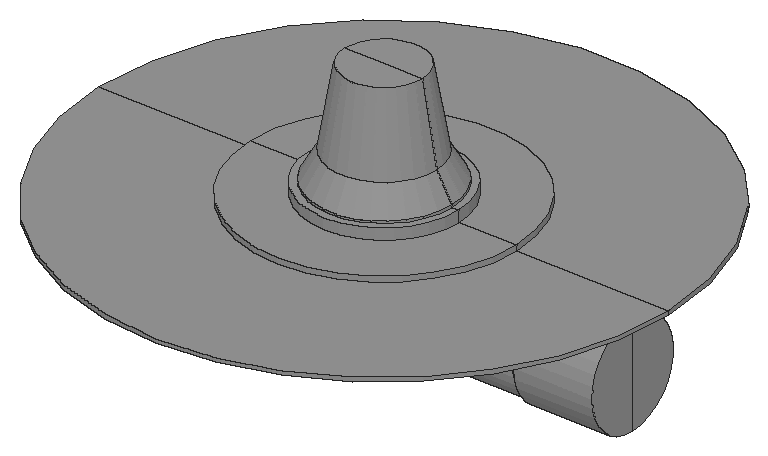
Revit family "HL_RU_Roof drain_HL80.3H-B-221103", category Sanitärinstallationen, Revit 2020
Family settings
  Bemaßung runder Anschluss = Durchmesser verwenden
  Teiletyp = Normal
  OmniClass-Nummer = 23.70.50.21.24.14
  OmniClass-Titel = Deck Waste Water Drains
  Arbeitsebenenbasiert = Nein
  Immer vertikal = Ja
  Beim Laden mit Abzugskörper schneiden = Nein
  Gemeinsam genutzt = Nein
  Raumberechnungspunkt = Ja
Parameters (values of type "HL_Кровельная воронка_HL80.3H")
  РЕШЁТКА = "Laubfangkorb d 110 mm"
  РАЗМЕР = "DN50/75"
  ПРОПУСКНАЯ СПОСОБНОСТЬ [instance] = 0.0 L/s
  ПРОИЗВОДИТЕЛЬНОСТЬ = "1,0 l/s"
  ПРАВОВАЯ ИНФОРМАЦИЯ = "Авторские права(©), права на дизайн или какие либо другие права интелектуальной собственности являются исключительной собственностью компании HL Hutterer & Lechner. Изменению не подлежит. Файл семейства с данными о прозводителе изделия защищен паролем с водяным знаком."
  НОМИНАЛЬНЫЙ ДИАМЕТР [instance] = 75 mm
  МАТЕРИАЛ = "PP/PE"
  ВЫСОТА МОНТАЖА = "91 mm"
  ВЕС = "1,09 [kg]"
  Vorgabe-Ansicht = 0 mm
  Hersteller = "HL Hutterer & Lechner GmbH"  # constant formula
  URL = "http://www.hutterer-lechner.com/ru/products/catalog/roof-drains/HL80.3H.aspx"
  Материал плитка [instance] = none
  Lüftungsverbindung = no
  Abwasserrohrverbindung = yes
  HW-Verbindung = no
  KW-Verbindung = no
  Beschreibung = "Кровельные воронки"
  Model = "HL80.3H"
  Assembly Code = " "
  Typenkommentare = "HL80.3H Трап для кровли DN50/75 поворотный с битумным полотном и листвоуловителем.,"
  Keynote = "HL80.3H"
  F [instance] = if(and(Instalation Angle = 0.00°, НОМИНАЛЬНЫЙ ДИАМЕТР = 50 mm), 25.5 mm, 13 mm)  # 13 mm
  Bысота монтажа [instance] = 0 mm
  Instalation Angle [instance] = 90.00°
  G [instance] = if(Instalation Angle = 0.00°, 180.00°, 90.00°)  # 90.00°
  EAN = "9003076918034"
  D [instance] = if(and(Instalation Angle = 0.00°, НОМИНАЛЬНЫЙ ДИАМЕТР = 75 mm), 170.2 mm, if(and(Instalation Angle = 0.00°, НОМИНАЛЬНЫЙ ДИАМЕТР = 50 mm), 74.3 mm, if(and(Instalation Angle = 90.00°, НОМИНАЛЬНЫЙ ДИАМЕТР = 50 mm), 100 mm - 13 mm, 183.1 mm - 13 mm)))  # 170.1 mm
  C [instance] = if(Bысота монтажа - 68 mm < 0 mm, 0 mm, Bысота монтажа - 68 mm)  # 0 mm
  B [instance] = Bысота монтажа + if(НОМИНАЛЬНЫЙ ДИАМЕТР = 50 mm, 64.5 mm, 51.7 mm)  # 51.7 mm
  A [instance] = if(B - 100 mm > 15 mm, B - 100 mm, 15 mm)  # 15 mm
Reference planes
  plane 1 "Center (Front/Back)": y = 0
  plane 2: z = 0
  plane 3 "Center (Left/Right)": x = 0
  plane 4: z = -51.7
  plane 5: z = 0
  plane 6: x = 13
Lines and regions (mm)
  model lines, style "InvisibleLines"
    curve 1: line (0, 0, 0) -> (0, 0, 20)
  model lines, style "PlumbingFixtures", detail levels coarse+medium
    curve 2: line (0, 0, -51.7) -> (0, 0, -36.7)
    curve 3: line (0, 0, -36.7) -> (-36.7, 0, 0)
    curve 4: line (0, 0, -36.7) -> (36.7, 0, 0)
    curve 6: line (13, 0, -51.7) -> (183.1, 0, -51.7)
  reference lines, not visible
    curve 5: line (13, 0, -51.7) -> (183.1, 0, -51.7)
  symbolic lines, style "PlumbingFixtures", detail levels coarse+medium
    curve 7: line (-75, 75, 0) -> (75, 75, 0)
    curve 8: line (-75, -75, 0) -> (-75, 75, 0)
    curve 9: line (75, -75, 0) -> (-75, -75, 0)
    curve 10: line (75, 75, 0) -> (75, -75, 0)
    curve 11: line (-75, 75, 0) -> (-145.711, 145.711, 0)
    curve 12: line (75, 75, 0) -> (145.711, 145.711, 0)
    curve 13: line (-75, -75, 0) -> (-145.711, -145.711, 0)
    curve 14: line (75, -75, 0) -> (145.711, -145.711, 0)
  symbolic lines, style "PlumbingFixtures", not visible, detail levels coarse+medium
    curve 15: line (-75, 75, 0) -> (75, 75, 0)
    curve 16: line (-75, -75, 0) -> (-75, 75, 0)
    curve 17: line (75, -75, 0) -> (-75, -75, 0)
    curve 18: line (75, 75, 0) -> (75, -75, 0)
    curve 19: line (-75, 75, 0) -> (-145.711, 145.711, 0)
    curve 20: line (75, 75, 0) -> (145.711, 145.711, 0)
    curve 21: line (-75, -75, 0) -> (-145.711, -145.711, 0)
    curve 22: line (75, -75, 0) -> (145.711, -145.711, 0)
  model lines, style "InvisibleLines", detail levels coarse+medium
    curve 23: line (13, 0, -51.7) -> (0, 0, -51.7)
Text (mm)
  text "FLOOR" at (-162.344, 0, -10.979), in view "Drain Construction View"
Dimensions and locks
  "B": plane 2 to plane 4
  "Bысота монтажа": plane 2 to plane 5
  "A": curve 4 to plane 4
  "D": curve 5 to curve 5
  "D": curve 6 to curve 6
  "F": plane 6 to plane 3 "Center (Left/Right)"
  locked: curve 4 to plane 3 "Center (Left/Right)" (angle 45.00°)
  locked: plane 3 "Center (Left/Right)" to curve 3 (angle 45.00°)
  "G": angle curve 5 to plane 3 "Center (Left/Right)"
  aligned and locked: level to plane 2
  aligned and locked: plane 2 to curve 4
  aligned and locked: plane 2 to curve 3
  aligned and locked: plane 4 to curve 2
  aligned and locked: nested 1 to plane 5
  aligned and locked: plane 3 "Center (Left/Right)" to nested 1
  aligned and locked: nested 2 to plane 2
  aligned and locked: plane 3 "Center (Left/Right)" to nested 2
  aligned and locked: plane 6 to curve 5
  aligned and locked: plane 4 to curve 5
  aligned and locked: plane 6 to curve 6
Automatic sketch dimensions
  curve 1 to plane 3 "Center (Left/Right)" = 0 mm
  curve 2 to plane 3 "Center (Left/Right)" = 0 mm
  curve 23 to plane 6 = 0 mm
  curve 1 to level = 0 mm
  level to curve 1 = 20 mm
  curve 6 to curve 5 = 0 mm
Nested families
  nested 1: "HL_кровельные воронки - корпус_HL80HK" at (0, 0, 0), DN <- "НОМИНАЛЬНЫЙ ДИАМЕТР", Instalation Angle <- "Instalation Angle", type "HL80HK"
    with OE 5 mm, LV 0 mm, Instalation Angle 90.00°, DT 10 mm, DN 75 mm
  nested 2: "HL_Вспомогательные материалы-Противопожарная защита_HL080.8E" at (0, 0, 0.982), type "HL_Вспомогательные материалы-Противопожарная защита_HL080.8E"
Connectors
  piping at (183.1, 0, -51.7), diameter 75, driven by "ПРОПУСКНАЯ СПОСОБНОСТЬ", driven by "НОМИНАЛЬНЫЙ ДИАМЕТР"
    settings: on curve 5, index 1, connector inside diameter 609.6 mm, connector length 0 mm, flow factor 0, pipe flow 0.0 L/s, pressure drop 0.0 Pa, fitting loss kfactor 0, connector angle 0.00°, fixture units 0, engagement length 0 mm, angle of deflection 0.00°, flow configuration 1, flow direction 2, fitting loss method 0, system type 16, joint type 0, gender type 0, connector reference index -1, connector utility 0, adjustable connector yes, is connector primary yes, connector description ""
Definition of nested family "HL_кровельные воронки - корпус_HL80HK"
  Parameters (values of type "HL80HK")
    Waste Connection = yes
    Default Elevation = 0 mm
    Vent Connection = no
    Manufacturer = ""
    LV [instance] = if(DN = 75 mm, 0 mm, 83 mm)  # 0 mm
    HW Connection = no
    URL = ""
    RN2 = DN2 / 2  # 37.5 mm
    RN1 = DN1 / 2  # 25 mm
    Description = ""
    DT [instance] = if(DN = DN1, 10 mm, if(DN = DN2, 10 mm, 0 mm))  # 10 mm
    DN [instance] = 75 mm
    CW Connection = no
    OL = 155 mm  # constant formula
    OE [instance] = if(Instalation Angle > 0.00°, 5 mm, 30 mm)  # 5 mm
    Model = ""
    Type Comments = ""
    Keynote = ""
    Instalation Angle [instance] = 90.00°
    DN2 = 75 mm  # constant formula
    DN1 = 50 mm  # constant formula
  Reference planes
    plane 1 "Center (Front/Back)": y = 0
    plane 2: z = 0
    plane 3 "Center (Left/Right)": x = 0
    plane 4: z = 0
    plane 5: z = -90
    plane 6: z = -215
    plane 7 "Ball joint horizontal": z = -64.2
    plane 8 "Ball Joint Vertical": x = 25.45
  Forms (mm)
    Revolve 1, solid, detail levels fine
      sketch origin (0, 0, -30) x (1, 0, 0) y (0, 0, 1)
        loop
          line (-98.112, 30) -> (-210.108, 30) -> (-210.108, 27) -> (-110.111, 27) -> (-110.111, 22.891) -> (-93.745, 22.891) -> (-93.745, 18.106) -> (-57.51, 18.106) -> (-57.51, 2.73) -> (-44.799, 2.73) -> (-44.799, -23.765)
          arc (-44.799, -23.765) -> (-26.756, -44.906) -> (-0.107, -52.803) r 48.911
          line (-0.107, -52.803) -> (-0.107, 33.918) -> (-98.112, 33.918) -> (-98.112, 30)
        axis (-0.107, 33.918) -> (-0.107, -52.803)
      angle from 0 to 360
    Sweep 2, solid, detail levels fine
      path in 3D
        loop
          line (5.45, 0, -64.2) -> (180.45, 0, -64.2)
      profile origin (92.95, 0, -64.2) x (0, 0, 1) y (0, -1, 0)
        loop
          circle (0, 0) r 25
    Revolve 3, solid, detail levels fine
      sketch origin (90.45, 0, -51.7) x (1, 0, 0) y (0, 0, 1)
        loop
          line (92.64, 0) -> (92.64, 37.5) -> (35.328, 37.5) -> (-2.031, 0) -> (92.64, 0)
        axis (-2.031, 0) -> (92.64, 0)
      angle from 0 to 360
    Revolve 4, solid, detail levels fine
      sketch origin (0, 0, -30) x (1, 0, 0) y (0, 0, 1)
        loop
          arc (-5.105, -62.233) -> (18.28, -60.002) -> (38.242, -47.618) r 51.5
          line (38.242, -47.618) -> (13.269, -22.645) -> (-15.712, -51.627) -> (-5.105, -62.233)
        axis (13.269, -22.645) -> (38.242, -47.618)
      angle from 0 to 360
    Extrusion 5, solid, detail levels fine
      sketch origin (0, 0, -30) x (0, 1, 0) y (0, 0, 1)
        loop
          line (46.485, 6) -> (-46.509, 6) -> (-45.296, -38.425)
          arc (-45.296, -38.425) -> (-0.041, -54.245) -> (45.232, -38.476) r 72.755
          line (45.232, -38.476) -> (46.485, 6)
      from -18 to -9
    Extrusion 6, void
      sketch origin (0, 0, 0) x (0, 1, 0) y (0, 0, 1)
        loop
          line (41.219, -68.961) -> (63.338, -68.961) -> (63.338, -27.27) -> (42.393, -27.27) -> (41.219, -68.961)
        loop
          line (-41.264, -68.961) -> (-42.438, -27.27) -> (-63.338, -27.27) -> (-63.338, -68.961) -> (-41.264, -68.961)
      from -9 to 18.461
    Extrusion 7, void
      sketch origin (183.09, 0, -51.7) x (0, -1, 0) y (0, 0, 1)
        loop
          circle (0, 0) r 37.5
      from -2 to 0 <- "LV"
  Cuts and joins
    Extrusion 6 cuts Revolve 1
    Extrusion 6, Extrusion 7 cuts Sweep 2
    Extrusion 6, Extrusion 7 cuts Revolve 3
    Extrusion 6 cuts Revolve 4
    Extrusion 6 cuts Extrusion 5
    joined: Revolve 1, Sweep 2, Revolve 3, Revolve 4, Extrusion 5
  Lines and regions (mm)
    reference lines
      curve 1: line (25.45, 0, -64.2) -> (180.45, 0, -64.2)
      curve 2: line (90.45, 0, -51.7) -> (180.45, 0, -51.7)
      curve 3: line (180.45, 0, -64.2) -> (180.45, 0, -46.7)
      curve 5: line (180.45, 0, -46.7) -> (90.45, 0, -46.7)
    sketch lines
      curve 4: line (5.45, 0, -64.2) -> (180.45, 0, -64.2)
    model lines, not visible
      curve 6: line (-0.107, 0, 0) -> (-0.107, 0, -10)
  Dimensions and locks
    plane 4 to plane 5 = 90 mm
    plane 4 to plane 6 = 215 mm
    locked: plane 4 to plane 7 "Ball joint horizontal" at 64.2
    locked: plane 8 "Ball Joint Vertical" to plane 3 "Center (Left/Right)" at 25.45
    locked: curve 3 to curve 2 at 90
    "OL": curve 3 to curve 1
    "RN2": Revolve 3 sketch curve to Revolve 3 sketch curve
    locked: Revolve 3 sketch curve to Revolve 3 sketch curve at 94.672
    Revolve 3 sketch curve to Revolve 3 sketch curve = 57.312 mm
    locked: curve 5 to curve 5 at 90
    locked: curve 5 to curve 1 at 17.5
    "OE": curve 5 to curve 2
    Revolve 1 sketch curve to Revolve 1 sketch curve to Revolve 1 sketch curve to Revolve 1 sketch curve to Revolve 1 sketch curve to Revolve 1 sketch curve = 99.997 mm locked, 11.999 mm locked, 40.602 mm locked, 12.711 mm locked, 44.692 mm locked
    plane 2 to plane 4 = 0 mm
    Revolve 1 sketch curve to plane 5 = 56.108 mm
    locked: plane 4 to cut or joined group of Revolve 1, Sweep 2, Revolve 3, Revolve 4, Extrusion 5, Extrusion 6, Extrusion 7 at 3
    Revolve 1 sketch curve to plane 4 to Revolve 1 sketch curve to Revolve 1 sketch curve to Revolve 1 sketch curve to Revolve 1 sketch curve to Revolve 1 sketch curve = 3.918 mm locked, 3 mm locked, 4.109 mm locked, 4.785 mm locked, 15.376 mm locked, 6.621 mm locked
    locked: plane 4 to Extrusion 5 sketch curve at 24
    locked: Revolve 4 sketch curve to plane 7 "Ball joint horizontal" at 22.998
    locked: plane 8 "Ball Joint Vertical" to Revolve 4 sketch curve at 23.624
    locked: curve 2 to Extrusion 7 sketch curve
    "DT": cut or joined group of Revolve 1, Sweep 2, Revolve 3, Revolve 4, Extrusion 5, Extrusion 6, Extrusion 7 to curve 6
    "DN1": diameter of Sweep 2 sketch curve
    diameter of Extrusion 7 sketch curve = 75 mm
    "Instalation Angle": angle plane 8 "Ball Joint Vertical" to curve 1
    locked: curve 3 to curve 1 (angle 90.00°)
    locked: curve 2 to curve 3 (angle 90.00°)
    locked: curve 5 to curve 3 (angle 90.00°)
    aligned and locked: level to plane 2
    aligned and locked: plane 8 "Ball Joint Vertical" to curve 1
    aligned and locked: plane 7 "Ball joint horizontal" to curve 1
    aligned and locked: plane 4 to Revolve 1 sketch curve
    aligned and locked: Revolve 1 sketch curve to Revolve 1 sketch curve
    aligned and locked: Revolve 3 sketch curve to curve 2
  Automatic sketch dimensions
    Revolve 4 sketch curve to plane 5 = 2.233 mm
    Revolve 4 sketch curve to plane 3 "Center (Left/Right)" = 5.105 mm
    plane 5 to Revolve 4 sketch curve = 8.373 mm
    Revolve 4 sketch curve to Revolve 4 sketch curve = 10.607 mm
    plane 7 "Ball joint horizontal" to Revolve 4 sketch curve = 11.555 mm
    Revolve 4 sketch curve to Revolve 4 sketch curve = 2.288 mm  (x2)
    plane 5 to Revolve 4 sketch curve = 5.833 mm
    Revolve 4 sketch curve to Revolve 4 sketch curve = 6.549 mm
    Revolve 1 sketch curve to plane 3 "Center (Left/Right)" = 0.107 mm
    plane 7 "Ball joint horizontal" to Revolve 1 sketch curve = 10.435 mm
    Revolve 1 sketch curve to Revolve 1 sketch curve = 4.366 mm
    Revolve 1 sketch curve to plane 6 = 96 mm
    Revolve 1 sketch curve to Revolve 1 sketch curve = 2210.397 mm
    Extrusion 6 sketch curve to plane 7 "Ball joint horizontal" = 4.761 mm  (x2)
    plane 1 "Center (Front/Back)" to Extrusion 6 sketch curve = 63.338 mm
    Extrusion 6 sketch curve to Extrusion 6 sketch curve = 20.9 mm
    Extrusion 6 sketch curve to Extrusion 6 sketch curve = 22.075 mm
    Extrusion 6 sketch curve to plane 1 "Center (Front/Back)" = 41.219 mm
    Extrusion 6 sketch curve to Extrusion 6 sketch curve = 1.175 mm
    Extrusion 6 sketch curve to Extrusion 6 sketch curve = 20.945 mm
    Extrusion 6 sketch curve to level = 27.27 mm  (x2)
    Extrusion 5 sketch curve to plane 1 "Center (Front/Back)" = 0 mm
    Extrusion 5 sketch curve to plane 7 "Ball joint horizontal" = 4.225 mm
    plane 1 "Center (Front/Back)" to Extrusion 5 sketch curve = 45.296 mm
    Extrusion 5 sketch curve to Extrusion 5 sketch curve = 1.213 mm
    Extrusion 5 sketch curve to level = 11.49 mm
    Extrusion 5 sketch curve to plane 7 "Ball joint horizontal" = 4.276 mm
    Extrusion 5 sketch curve to Extrusion 5 sketch curve = 1.253 mm
    curve 6 to level = 0 mm
    curve 6 to plane 3 "Center (Left/Right)" = 0.107 mm
    profile plane to Sweep 2 sketch curve = 0 mm
    Sweep 2 sketch curve to profile plane = 0 mm
    Revolve 3 sketch curve to curve 2 = 0 mm  (x3)
    Revolve 3 sketch curve to curve 2 = 2.031 mm
Definition of nested family "HL_Вспомогательные материалы-Противопожарная защита_HL080.8E"
  Parameters
    ПРАВОВАЯ ИНФОРМАЦИЯ = ""
    ВЕС = "0,042 [kg]"
    Default Elevation = 0 mm
    Manufacturer = ""
    URL = ""
    Материал плитка = none
    Description = ""
    Model = ""
    Type Comments = "HL080.8E, leaf strainer d 110mm"
    Keynote = ""
    Пропускная способность [instance] = 0.0 L/s
    EAN = "9003076008087"
    Cost = 0
  Types (2, lengths in mm): name | ПРАВОВАЯ ИНФОРМАЦИЯ | Manufacturer | URL | Description | Model | Type Comments | Keynote
    (no name) | "" | "" | "" | "" | "" | "HL080.8E, leaf strainer d 110mm" | ""
    HL_Вспомогательные материалы-Противопожарная защита_HL080.8E | "Авторские права(©), права на дизайн или какие либо другие права интелектуальной собственности являются исключительной собственностью компании HL Hutterer & Lechner. Изменению не подлежит. Файл семейства с данными о прозводителе изделия защищен паролем с водяным знаком." | "HL Hutterer & Lechner GmbH" | "http://www.hutterer-lechner.com/ru/products/catalog/roof-drains/HL080.8E.aspx" | "Кровельные воронки" | "HL080.8E" | "HL080.8E, Листвоуловитель d 110мм" | "HL080.8E"
  Reference planes
    plane 1 "Střed (vpředu/vzadu)": y = 0
    plane 2: z = 0
    plane 3 "Střed (vlevo/vpravo)": x = 0
  Forms (mm)
    Revolve 1, solid, detail levels fine
      sketch origin (0, 0, 0) x (1, 0, 0) y (0, 0, 1)
        loop
          line (-55.09, 10.802) -> (-55.09, -0.982) -> (-50.805, -0.982) -> (-48.107, 0) -> (-38.788, 0) -> (-38.427, 3.437) -> (-37.645, 3.437) -> (-31.62, 37.611) -> (-28.757, 37.611) -> (-28.757, 46.154) -> (-30.248, 46.154) -> (-23.36, 84.452) -> (0, 84.452) -> (0, 88.456) -> (-28.637, 88.456) -> (-38.668, 31.57) -> (-49.837, 12.225) -> (-49.837, 10.802) -> (-55.09, 10.802)
        axis (0, 88.456) -> (0, -0.982)
      angle from 0 to 360
  Dimensions and locks
    aligned and locked: level to plane 2
